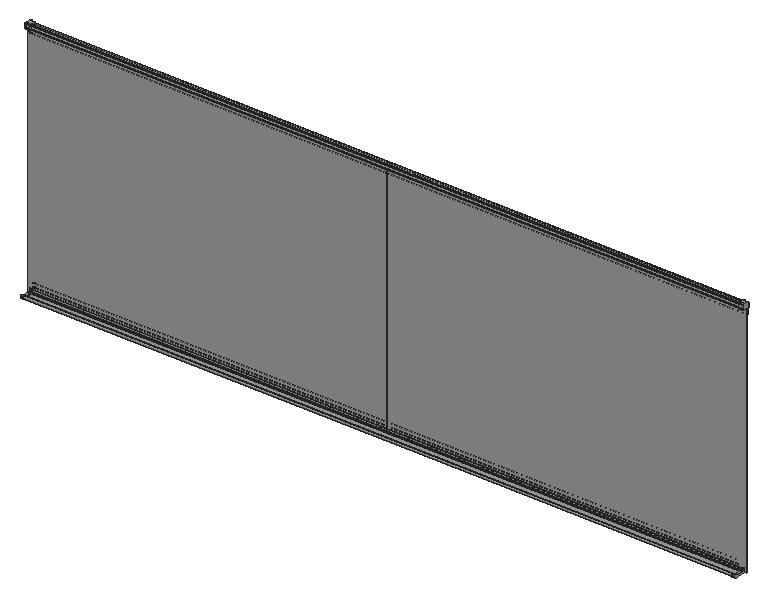
Revit family "Liso Glass Wall 4x12", category Generic Models, Revit 2018
Family settings
  Can host rebar = No
  Round Connector Dimension = Use Diameter
  Part Type = Normal
  Work Plane-Based = No
  Always vertical = Yes
  Cut with Voids When Loaded = No
  Shared = No
  Room Calculation Point = No
Parameters
  Panel #2 = Liso Glass Wall 4x12 Panel #2
  Panel #1 = Liso Glass Wall 4x12 Panel #1
Reference planes (in)
  plane 1 "Center (Front/Back)": y = 0
  plane 2: z = 0
  plane 3 "Center (Left/Right)": x = 0
Forms (in)
  Extrusion 1, solid, material "Liso Glass Wall Trim Metal"
    sketch origin (-59.06205, 0, 18) x (0, 1, 0) y (0, 0, 1)
      loop
        line (-0.28802, 12.71551) -> (-0.28802, 12.22363) -> (-0.48802, 12.22363) -> (-0.48802, 12.77363) -> (-0.60087, 12.77363)
        arc (-0.60087, 12.77363) -> (-0.62209, 12.76485) -> (-0.63087, 12.74363) r 0.03
        line (-0.63087, 12.74363) -> (-0.63087, 12.45418)
        arc (-0.63087, 12.45418) -> (-0.67788, 12.32564) -> (-0.79672, 12.25776) r 0.19924
        arc (-0.79672, 12.25776) -> (-0.86084, 12.24904) -> (-0.92548, 12.24613) r 0.7187
        line (-0.92548, 12.24613) -> (-1.97548, 12.24613)
        arc (-1.97548, 12.24613) -> (-2.26159, 12.30205) -> (-2.50559, 12.4616) r 0.75985
        arc (-2.50559, 12.4616) -> (-2.80704, 12.55283) -> (-2.79142, 12.23827) r 0.19261
        arc (-2.79142, 12.23827) -> (-2.48945, 12.06146) -> (-2.14496, 12) r 0.99607
        line (-2.14496, 12) -> (0, 12) -> (0, 12.30193)
        arc (0, 12.30193) -> (-0.0275, 12.32943) -> (-0.055, 12.30193) r 0.0275
        line (-0.055, 12.30193) -> (-0.055, 12.20843) -> (-0.20802, 12.20843) -> (-0.20802, 12.69439) -> (-0.0848, 12.81762)
        arc (-0.0848, 12.81762) -> (-0.06815, 12.82253) -> (-0.055, 12.81121) r 0.01814
        line (-0.055, 12.81121) -> (-0.055, 12.65693)
        arc (-0.055, 12.65693) -> (-0.0275, 12.62943) -> (0, 12.65693) r 0.0275
        line (0, 12.65693) -> (0, 13.70847)
        arc (0, 13.70847) -> (-0.03996, 13.74843) -> (-0.07993, 13.70847) r 0.03996
        line (-0.07993, 13.70847) -> (-0.07993, 13.62094)
        arc (-0.07993, 13.62094) -> (-0.07047, 13.60109) -> (-0.05, 13.59302) r 0.03
        line (-0.05, 13.59302) -> (-0.05, 13.15338)
        arc (-0.05, 13.15338) -> (-0.07121, 13.14459) -> (-0.08, 13.12338) r 0.03
        line (-0.08, 13.12338) -> (-0.08, 12.92353) -> (-0.28802, 12.71551)
    from -11.31295 to 129.43705
  Extrusion 2, solid, material "Liso Glass Wall Trim Metal"
    sketch origin (-59.06205, 0, -5.35978) x (0, 1, 0) y (0, 0, 1)
      loop
        line (0, 83.04907) -> (-0.645, 83.04907)
        arc (-0.645, 83.04907) -> (-0.70089, 83.02419) -> (-0.7198, 82.966) r 0.07521
        arc (-0.7198, 82.966) -> (-0.66833, 82.72387) -> (-0.56764, 82.49772) r 1.18412
        arc (-0.56764, 82.49772) -> (-0.44963, 82.3733) -> (-0.28802, 82.31595) r 0.36764
        arc (-0.28802, 82.31595) -> (-0.27338, 82.27072) -> (-0.23409, 82.24395) r 0.0734
        line (-0.23409, 82.24395) -> (-0.1, 82.20802) -> (-0.1, 81.00078)
        arc (-0.1, 81.00078) -> (-0.05, 80.95078) -> (0, 81.00078) r 0.05
        line (0, 81.00078) -> (0, 83.04907)
    from -11.81795 to 129.94205
  Extrusion 3, solid, material "Liso Glass Wall 4x12 Panel #1" <- "Panel #1"
    sketch origin (-59.06205, 0, -5.35978) x (0, 1, 0) y (0, 0, 1)
      loop
        line (-0.48802, 35.58341) -> (-0.28802, 35.58341) -> (-0.28802, 83.08978) -> (-0.48802, 83.08978) -> (-0.48802, 35.58341)
    from -11.81795 to 59.06205
  Extrusion 4, solid, material "Liso Glass Wall Trim Black"
    sketch origin (-24.18473, 0, 18) x (0, 1, 0) y (0, 0, -1)
      loop
        line (-0.48802, -12.80488) -> (-0.48802, -11.96875) -> (-2.14496, -11.96875)
        arc (-2.14496, -11.96875) -> (-2.49924, -12.03177) -> (-2.81005, -12.2131) r 1.02732
        arc (-2.81005, -12.2131) -> (-2.82851, -12.57569) -> (-2.47857, -12.47895) r 0.22386
        arc (-2.47857, -12.47895) -> (-2.24646, -12.32965) -> (-1.97548, -12.27738) r 0.7286
        line (-1.97548, -12.27738) -> (-0.92548, -12.27738)
        arc (-0.92548, -12.27738) -> (-0.86355, -12.28017) -> (-0.80213, -12.28853) r 0.68745
        arc (-0.80213, -12.28853) -> (-0.70181, -12.34573) -> (-0.66212, -12.45418) r 0.16799
        line (-0.66212, -12.45418) -> (-0.66212, -12.74363)
        arc (-0.66212, -12.74363) -> (-0.64418, -12.78694) -> (-0.60087, -12.80488) r 0.06125
        line (-0.60087, -12.80488) -> (-0.48802, -12.80488)
    from 45.75863 to 46.29027
  Extrusion 5, solid, material "Liso Glass Wall Trim Metal"
    sketch origin (-23.865, -0.12998, -0.08918) x (0, 1, 0) y (0, 0, 1)
      loop
        line (-0.045, 77.82375) -> (-0.90502, 77.82375) -> (-0.90502, 77.91496)
        arc (-0.90502, 77.91496) -> (-0.93002, 77.93996) -> (-0.95502, 77.91496) r 0.025
        line (-0.95502, 77.91496) -> (-0.95502, 77.73113)
        arc (-0.95502, 77.73113) -> (-0.93502, 77.71113) -> (-0.91502, 77.73113) r 0.02
        line (-0.91502, 77.73113) -> (-0.91502, 77.77875) -> (-0.645, 77.77875) -> (-0.645, 77.14376) -> (-0.91502, 77.14376) -> (-0.91502, 77.19114)
        arc (-0.91502, 77.19114) -> (-0.93502, 77.21114) -> (-0.95502, 77.19114) r 0.02
        line (-0.95502, 77.19114) -> (-0.95502, 77.00732)
        arc (-0.95502, 77.00732) -> (-0.93002, 76.98232) -> (-0.90502, 77.00732) r 0.025
        line (-0.90502, 77.00732) -> (-0.90502, 77.09876) -> (-0.6, 77.09876) -> (-0.6, 77.77875) -> (-0.09, 77.77875) -> (-0.09, 77.25375)
        arc (-0.09, 77.25375) -> (-0.0675, 77.23875) -> (-0.045, 77.25375) r 0.02437
        line (-0.045, 77.25375) -> (-0.045, 77.82375)
    from -47.01 to 94.745
  Extrusion 6, solid, material "Liso Glass Wall Map Rail"
    sketch origin (-23.865, -0.12998, -0.08918) x (0, 1, 0) y (0, 0, 1)
      loop
        line (-0.91502, 77.77875) -> (-0.91502, 77.14376) -> (-0.66502, 77.14376) -> (-0.66502, 77.77875) -> (-0.91502, 77.77875)
    from -47.01 to 94.745
  Extrusion 7, solid, material "Liso Glass Wall 4x12 Panel #2" <- "Panel #2"
    sketch origin (59.06205, 0, -5.35978) x (0, 1, 0) y (0, 0, -1)
      loop
        line (-0.48802, -35.58341) -> (-0.48802, -83.08978) -> (-0.28802, -83.08978) -> (-0.28802, -35.58341) -> (-0.48802, -35.58341)
    from -11.81795 to 59.06205
  Extrusion 8, solid, material "Liso Glass Wall Trim Black"
    sketch origin (24.18473, 0, 18) x (0, 1, 0) y (0, 0, 1)
      loop
        line (-0.48802, 12.80488) -> (-0.60087, 12.80488)
        arc (-0.60087, 12.80488) -> (-0.64418, 12.78694) -> (-0.66212, 12.74363) r 0.06125
        line (-0.66212, 12.74363) -> (-0.66212, 12.45418)
        arc (-0.66212, 12.45418) -> (-0.70181, 12.34573) -> (-0.80213, 12.28853) r 0.16799
        arc (-0.80213, 12.28853) -> (-0.86355, 12.28017) -> (-0.92548, 12.27738) r 0.68745
        line (-0.92548, 12.27738) -> (-1.97548, 12.27738)
        arc (-1.97548, 12.27738) -> (-2.24646, 12.32965) -> (-2.47857, 12.47895) r 0.7286
        arc (-2.47857, 12.47895) -> (-2.82851, 12.57569) -> (-2.81005, 12.2131) r 0.22386
        arc (-2.81005, 12.2131) -> (-2.49924, 12.03177) -> (-2.14496, 11.96875) r 1.02732
        line (-2.14496, 11.96875) -> (-0.48802, 11.96875) -> (-0.48802, 12.80488)
    from 45.75863 to 46.29027
Dimensions and locks (in)
  aligned and locked: plane 2 to level
Nested families (in)
  nested 1: "Porcelain Steel Top Corner" at (-22.93, -0.13998, 23.59789) x (-1, 0, 0) z (0, 0, 1), type "Porcelain Steel Top Corner"
  nested 2: "Porcelain Steel Top Corner" at (22.93, -0.13998, 23.59789), type "Porcelain Steel Top Corner"
Definition of nested family "Porcelain Steel Top Corner"
  Parameters (values of type "Porcelain Steel Top Corner")
    Width = 8' - 0"
  Reference planes (in)
    plane 1 "Center (Front/Back)": y = 0
    plane 2: z = 0
    plane 3 "Center (Left/Right)": x = 0
  Forms (in)
    Extrusion 1, solid
      sketch origin (0, 0, 0) x (0, 1, 0) y (0, 0, 1)
        loop
          line (-1.00502, 54.2214) -> (-1.00502, 53.31353)
          arc (-1.00502, 53.31353) -> (-0.98012, 53.25343) -> (-0.92002, 53.22853) r 0.085
          line (-0.92002, 53.22853) -> (-0.92002, 54.3064)
          arc (-0.92002, 54.3064) -> (-0.98012, 54.28151) -> (-1.00502, 54.2214) r 0.085
      from 47.01 to 47.95
    Extrusion 2, solid
      sketch origin (0, 0, 0) x (0, 1, 0) y (0, 0, 1)
        loop
          line (0.01687, 54.3064) -> (-0.92502, 54.3064)
          arc (-0.92502, 54.3064) -> (-0.94623, 54.29762) -> (-0.95502, 54.2764) r 0.03
          line (-0.95502, 54.2764) -> (-0.95502, 53.25853)
          arc (-0.95502, 53.25853) -> (-0.94623, 53.23732) -> (-0.92502, 53.22853) r 0.03
          line (-0.92502, 53.22853) -> (0.01687, 53.22853)
          arc (0.01687, 53.22853) -> (0.03809, 53.23732) -> (0.04687, 53.25853) r 0.03
          line (0.04687, 53.25853) -> (0.04687, 54.2764)
          arc (0.04687, 54.2764) -> (0.03809, 54.29762) -> (0.01687, 54.3064) r 0.03
      from 47.01 to 48
    Extrusion 3, solid
      sketch origin (0, 0, 0) x (1, 0, 0) y (0, 1, 0)
        loop
          line (48, -0.95502) -> (47.95, -0.95502) -> (47.95, -1.00502)
          arc (47.95, -1.00502) -> (47.98536, -0.99037) -> (48, -0.95502) r 0.05
      from 53.31353 to 54.2214
  Dimensions and locks (in)
    aligned and locked: plane 2 to level
